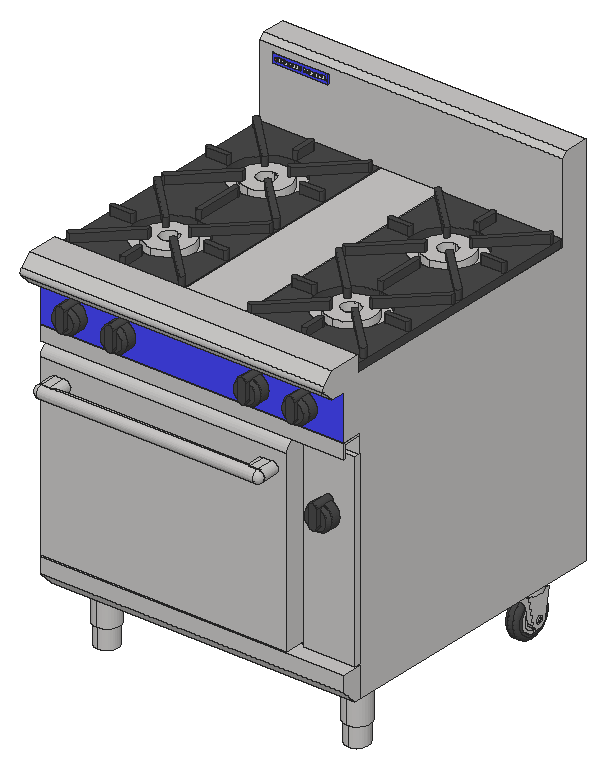
Revit family "QF_MOFFAT_BLUESEAL_CE_GE54D", category Specialty Equipment, Revit 2012
Parameters
  Width = 750 mm  # constant formula
  Weight in Pounds = 425
  Watts = 5600 W
  Volts = 400 V
  URL Cutsheet = "www.moffat.com"
  URL = "www.moffat.com"
  Type Mark [instance] = ""
  Status [instance] = ""
  Specification by User [instance] = ""
  Specification by Manufacturer = ""
  Show Logo [instance] = yes
  Show Clearance [instance] = yes
  Show Casters [instance] = yes
  Serial Number = ""
  Seismic Rating = ""
  SMACNA No = ""
  Revision Code [instance] = ""
  Phase = 3
  Omniclass Number and Title = ""
  Number of Poles [instance] = 1
  NAFEM Spec ID Number = ""
  Model = "GE54D"
  Min Ckt Ampacity = 0 A
  Mechanical Remarks [instance] = ""
  Mechanical Connection Type [instance] = ""
  Max Overcurrent Protection = 0 A
  Masterspec = ""
  Manufacturer = "MOFFAT BLUESEAL"
  Legs [instance] = not(Show Casters)  # no
  Item Number [instance] = ""
  Installed By [instance] = ""
  Identify Quantity as Lot [instance] = yes
  Height = 1085 mm  # constant formula
  HP = ""
  Gas Size = 3/4"
  Gas RI Height [instance] = 0 mm
  Gas KW [instance] = 31.1
  Gas Input [instance] = 106155.0 Btu/h
  Gas Connection Height = 0 mm
  Furnished By [instance] = ""
  Foodservice Equipment Identifier [instance] = yes
  FL Amps = 7.8 A
  Electrical Remarks = "7.8A PER PHASE"
  Electric Connection Type = ""
  Elec Conn RI Height = 0 mm
  Elec Conn Connection Height = 0 mm
  Description = "750MM GAS RANGE WITH ELECTRIC CONVECTION OVEN"
  Depth = 812 mm  # constant formula
  Cycle = 50 Hz
  Conn Plug = ""
  Conn Conduit = yes
  CSI MasterFormat = ""
  CSI Master Format = ""
  Apparent Power = 0 VA
Reference planes
  plane 1 "BACK": y = 0
  plane 2: z = 0
  plane 3 "LEFT": x = 0
  plane 4 "RIGHT": x = 750
  plane 5 "FRONT": y = -812
  plane 6 "TOP": z = 970
  plane 7 "Center Y": x = 375
  plane 8 "Center X": y = -406
  plane 9: y = -100
  plane 10 "Base Height": z = 150
  plane 11: x = 65.8
  plane 12: x = 620
  plane 13: x = 685
  plane 14: x = 684.2
  plane 15: y = -500
  plane 16: x = 676
  plane 17: z = 1085
Forms (mm)
  Extrusion 1, solid, material "QF_Finishes_Stainless Steel"
    sketch origin (0, 0, 0) x (0, 1, 0) y (0, 0, 1)
      loop
        line (-784.97, 850) -> (-749, 850) -> (-749, 740) -> (-699, 740) -> (-699, 150) -> (0, 150) -> (0, 1085) -> (-57.5, 1085) -> (-70, 1072.5) -> (-70, 875) -> (-705, 875) -> (-705, 915) -> (-783.97, 915) -> (-808.469, 890.501)
        arc (-808.469, 890.501) -> (-811.99, 882) -> (-808.469, 873.499) r 12.022
        line (-808.469, 873.499) -> (-784.97, 850)
    from 0 to 750
  Extrusion 2, solid, material "QF_Finishes_Stainless Steel"
    sketch origin (555.062, 3, 100) x (1, 0, 0) y (0, 1, 0)
      loop
        circle (65, -35) r 13.5
    from 555 to 640
  Revolve 3, solid, material "QF_Finishes_Stainless Steel"
    sketch origin (65, -728, 0) x (0, 1, 0) y (0, 0, 1)
      loop
        line (71.25, 150) -> (71.25, 50) -> (75.5, 50) -> (75.5, 0) -> (103, 0) -> (103, 150) -> (71.25, 150)
      axis (103, 150) -> (103, 0)
    angle from 0 to 360
  Extrusion 4, solid, material "QF_Finishes_Black"
    sketch origin (0, -70, 875) x (0, -1, 0) y (1, 0, 0)
      loop
        arc (1, 4) -> (1.879, 1.879) -> (4, 1) r 3
        line (4, 1) -> (632, 1)
        arc (632, 1) -> (634.121, 1.879) -> (635, 4) r 3
        line (635, 4) -> (635, 297)
        arc (635, 297) -> (634.121, 299.121) -> (632, 300) r 3
        line (632, 300) -> (4, 300)
        arc (4, 300) -> (1.879, 299.121) -> (1, 297) r 3
        line (1, 297) -> (1, 4)
      loop
        circle (167.5, 150) r 85
      loop
        circle (467.768, 150) r 85
    from 0 to 19.5
  Extrusion 5, solid, material "QF_Finishes_Black"
    sketch origin (0, -73.5, 894.5) x (0, -1, 0) y (1, 0, 0)
      loop
        spline (323.602, 15.153) -> (322.681, 13.924) -> (322.131, 12.47) -> (321.99, 10.89) -> (322.267, 9.292) -> (322.943, 7.786) -> (323.973, 6.473) -> (325.286, 5.443) -> (326.792, 4.767) -> (328.39, 4.49) -> (329.97, 4.631) -> (331.424, 5.181) -> (332.653, 6.102)
        line (332.653, 6.102) -> (440.576, 114.025)
        spline (440.576, 114.025) -> (441.337, 115.095) -> (441.738, 116.399) -> (441.751, 117.851) -> (441.375, 119.35) -> (440.637, 120.795) -> (439.586, 122.086) -> (438.295, 123.137) -> (436.85, 123.875) -> (435.351, 124.251) -> (433.899, 124.238) -> (432.595, 123.837) -> (431.525, 123.076)
        line (431.525, 123.076) -> (323.602, 15.153)
      loop
        spline (371.852, 143.6) -> (373.146, 143.818) -> (374.352, 144.457) -> (375.388, 145.475) -> (376.182, 146.8) -> (376.682, 148.344) -> (376.852, 150) -> (376.682, 151.656) -> (376.182, 153.2) -> (375.388, 154.525) -> (374.352, 155.543) -> (373.146, 156.182) -> (371.852, 156.4)
        line (371.852, 156.4) -> (259.398, 156.4)
        spline (259.398, 156.4) -> (258.104, 156.182) -> (256.898, 155.543) -> (255.862, 154.525) -> (255.068, 153.2) -> (254.568, 151.656) -> (254.398, 150) -> (254.568, 148.344) -> (255.068, 146.8) -> (255.862, 145.475) -> (256.898, 144.457) -> (258.104, 143.818) -> (259.398, 143.6)
        line (259.398, 143.6) -> (371.852, 143.6)
      loop
        line (311.398, 15.153) -> (203.475, 123.076)
        spline (203.475, 123.076) -> (202.405, 123.837) -> (201.101, 124.238) -> (199.649, 124.251) -> (198.15, 123.875) -> (196.705, 123.137) -> (195.414, 122.086) -> (194.363, 120.795) -> (193.625, 119.35) -> (193.249, 117.851) -> (193.262, 116.399) -> (193.663, 115.095) -> (194.424, 114.025)
        line (194.424, 114.025) -> (302.347, 6.102)
        spline (302.347, 6.102) -> (303.416, 5.341) -> (304.721, 4.941) -> (306.172, 4.928) -> (307.671, 5.303) -> (309.116, 6.041) -> (310.408, 7.092) -> (311.459, 8.384) -> (312.197, 9.829) -> (312.572, 11.328) -> (312.559, 12.779) -> (312.159, 14.084) -> (311.398, 15.153)
      loop
        line (323.602, 284.847) -> (431.525, 176.924)
        spline (431.525, 176.924) -> (432.595, 176.163) -> (433.899, 175.762) -> (435.351, 175.749) -> (436.85, 176.125) -> (438.295, 176.863) -> (439.586, 177.914) -> (440.637, 179.205) -> (441.375, 180.65) -> (441.751, 182.149) -> (441.738, 183.601) -> (441.337, 184.905) -> (440.576, 185.975)
        line (440.576, 185.975) -> (332.653, 293.898)
        spline (332.653, 293.898) -> (331.424, 294.819) -> (329.97, 295.369) -> (328.39, 295.51) -> (326.792, 295.233) -> (325.286, 294.557) -> (323.973, 293.527) -> (322.943, 292.214) -> (322.267, 290.708) -> (321.99, 289.11) -> (322.131, 287.53) -> (322.681, 286.076) -> (323.602, 284.847)
      loop
        spline (311.398, 284.847) -> (312.159, 285.916) -> (312.559, 287.221) -> (312.572, 288.672) -> (312.197, 290.171) -> (311.459, 291.616) -> (310.408, 292.908) -> (309.116, 293.959) -> (307.671, 294.697) -> (306.172, 295.072) -> (304.721, 295.059) -> (303.416, 294.659) -> (302.347, 293.898)
        line (302.347, 293.898) -> (194.424, 185.975)
        spline (194.424, 185.975) -> (193.663, 184.905) -> (193.262, 183.601) -> (193.249, 182.149) -> (193.625, 180.65) -> (194.363, 179.205) -> (195.414, 177.914) -> (196.705, 176.863) -> (198.15, 176.125) -> (199.649, 175.749) -> (201.101, 175.762) -> (202.405, 176.163) -> (203.475, 176.924)
        line (203.475, 176.924) -> (311.398, 284.847)
      loop
        spline (73.549, 143.6) -> (74.844, 143.818) -> (76.049, 144.457) -> (77.085, 145.475) -> (77.88, 146.8) -> (78.379, 148.344) -> (78.549, 150) -> (78.379, 151.656) -> (77.88, 153.2) -> (77.085, 154.525) -> (76.049, 155.543) -> (74.844, 156.182) -> (73.549, 156.4)
        line (73.549, 156.4) -> (25.093, 156.4)
        spline (25.093, 156.4) -> (23.799, 156.182) -> (22.593, 155.543) -> (21.558, 154.525) -> (20.763, 153.2) -> (20.264, 151.656) -> (20.093, 150) -> (20.264, 148.344) -> (20.763, 146.8) -> (21.558, 145.475) -> (22.593, 144.457) -> (23.799, 143.818) -> (25.093, 143.6)
        line (25.093, 143.6) -> (73.549, 143.6)
      loop
        spline (608.1, 143.6) -> (609.394, 143.818) -> (610.6, 144.457) -> (611.636, 145.475) -> (612.43, 146.8) -> (612.93, 148.344) -> (613.1, 150) -> (612.93, 151.656) -> (612.43, 153.2) -> (611.636, 154.525) -> (610.6, 155.543) -> (609.394, 156.182) -> (608.1, 156.4)
        line (608.1, 156.4) -> (558.644, 156.4)
        spline (558.644, 156.4) -> (557.35, 156.182) -> (556.144, 155.543) -> (555.108, 154.525) -> (554.314, 153.2) -> (553.814, 151.656) -> (553.644, 150) -> (553.814, 148.344) -> (554.314, 146.8) -> (555.108, 145.475) -> (556.144, 144.457) -> (557.35, 143.818) -> (558.644, 143.6)
        line (558.644, 143.6) -> (608.1, 143.6)
      loop
        spline (457.6, 10.156) -> (457.818, 8.862) -> (458.457, 7.656) -> (459.475, 6.62) -> (460.8, 5.826) -> (462.344, 5.326) -> (464, 5.156) -> (465.656, 5.326) -> (467.2, 5.826) -> (468.525, 6.62) -> (469.543, 7.656) -> (470.182, 8.862) -> (470.4, 10.156)
        line (470.4, 10.156) -> (470.4, 58.612)
        spline (470.4, 58.612) -> (470.182, 59.906) -> (469.543, 61.112) -> (468.525, 62.148) -> (467.2, 62.942) -> (465.656, 63.442) -> (464, 63.612) -> (462.344, 63.442) -> (460.8, 62.942) -> (459.475, 62.148) -> (458.457, 61.112) -> (457.818, 59.906) -> (457.6, 58.612)
        line (457.6, 58.612) -> (457.6, 10.156)
      loop
        spline (160.966, 10.156) -> (161.184, 8.862) -> (161.823, 7.656) -> (162.841, 6.62) -> (164.166, 5.826) -> (165.71, 5.326) -> (167.366, 5.156) -> (169.022, 5.326) -> (170.566, 5.826) -> (171.892, 6.62) -> (172.909, 7.656) -> (173.548, 8.862) -> (173.766, 10.156)
        line (173.766, 10.156) -> (173.766, 58.612)
        spline (173.766, 58.612) -> (173.548, 59.906) -> (172.909, 61.112) -> (171.892, 62.148) -> (170.566, 62.942) -> (169.022, 63.442) -> (167.366, 63.612) -> (165.71, 63.442) -> (164.166, 62.942) -> (162.841, 62.148) -> (161.823, 61.112) -> (161.184, 59.906) -> (160.966, 58.612)
        line (160.966, 58.612) -> (160.966, 10.156)
      loop
        spline (457.6, 241.636) -> (457.818, 240.342) -> (458.457, 239.136) -> (459.475, 238.1) -> (460.8, 237.306) -> (462.344, 236.806) -> (464, 236.636) -> (465.656, 236.806) -> (467.2, 237.306) -> (468.525, 238.1) -> (469.543, 239.136) -> (470.182, 240.342) -> (470.4, 241.636)
        line (470.4, 241.636) -> (470.4, 290.092)
        spline (470.4, 290.092) -> (470.182, 291.386) -> (469.543, 292.592) -> (468.525, 293.628) -> (467.2, 294.422) -> (465.656, 294.922) -> (464, 295.092) -> (462.344, 294.922) -> (460.8, 294.422) -> (459.475, 293.628) -> (458.457, 292.592) -> (457.818, 291.386) -> (457.6, 290.092)
        line (457.6, 290.092) -> (457.6, 241.636)
      loop
        spline (160.966, 241.636) -> (161.184, 240.342) -> (161.823, 239.136) -> (162.841, 238.1) -> (164.166, 237.306) -> (165.71, 236.806) -> (167.366, 236.636) -> (169.022, 236.806) -> (170.566, 237.306) -> (171.892, 238.1) -> (172.909, 239.136) -> (173.548, 240.342) -> (173.766, 241.636)
        line (173.766, 241.636) -> (173.766, 290.092)
        spline (173.766, 290.092) -> (173.548, 291.386) -> (172.909, 292.592) -> (171.892, 293.628) -> (170.566, 294.422) -> (169.022, 294.922) -> (167.366, 295.092) -> (165.71, 294.922) -> (164.166, 294.422) -> (162.841, 293.628) -> (161.823, 292.592) -> (161.184, 291.386) -> (160.966, 290.092)
        line (160.966, 290.092) -> (160.966, 241.636)
      loop
        line (323.602, 734.847) -> (431.525, 626.924)
        spline (431.525, 626.924) -> (432.595, 626.163) -> (433.899, 625.762) -> (435.351, 625.749) -> (436.85, 626.125) -> (438.295, 626.863) -> (439.586, 627.914) -> (440.637, 629.205) -> (441.375, 630.65) -> (441.751, 632.149) -> (441.738, 633.601) -> (441.337, 634.905) -> (440.576, 635.975)
        line (440.576, 635.975) -> (332.653, 743.898)
        spline (332.653, 743.898) -> (331.424, 744.819) -> (329.97, 745.369) -> (328.39, 745.51) -> (326.792, 745.233) -> (325.286, 744.557) -> (323.973, 743.527) -> (322.943, 742.214) -> (322.267, 740.708) -> (321.99, 739.11) -> (322.131, 737.53) -> (322.681, 736.076) -> (323.602, 734.847)
      loop
        line (371.852, 606.4) -> (259.398, 606.4)
        spline (259.398, 606.4) -> (258.104, 606.182) -> (256.898, 605.543) -> (255.862, 604.525) -> (255.068, 603.2) -> (254.568, 601.656) -> (254.398, 600) -> (254.568, 598.344) -> (255.068, 596.8) -> (255.862, 595.475) -> (256.898, 594.457) -> (258.104, 593.818) -> (259.398, 593.6)
        line (259.398, 593.6) -> (371.852, 593.6)
        spline (371.852, 593.6) -> (373.146, 593.818) -> (374.352, 594.457) -> (375.388, 595.475) -> (376.182, 596.8) -> (376.682, 598.344) -> (376.852, 600) -> (376.682, 601.656) -> (376.182, 603.2) -> (375.388, 604.525) -> (374.352, 605.543) -> (373.146, 606.182) -> (371.852, 606.4)
      loop
        spline (311.398, 734.847) -> (312.159, 735.916) -> (312.559, 737.221) -> (312.572, 738.672) -> (312.197, 740.171) -> (311.459, 741.616) -> (310.408, 742.908) -> (309.116, 743.959) -> (307.671, 744.697) -> (306.172, 745.072) -> (304.721, 745.059) -> (303.416, 744.659) -> (302.347, 743.898)
        line (302.347, 743.898) -> (194.424, 635.975)
        spline (194.424, 635.975) -> (193.663, 634.905) -> (193.262, 633.601) -> (193.249, 632.149) -> (193.625, 630.65) -> (194.363, 629.205) -> (195.414, 627.914) -> (196.705, 626.863) -> (198.15, 626.125) -> (199.649, 625.749) -> (201.101, 625.762) -> (202.405, 626.163) -> (203.475, 626.924)
        line (203.475, 626.924) -> (311.398, 734.847)
      loop
        spline (323.602, 465.153) -> (322.681, 463.924) -> (322.131, 462.47) -> (321.99, 460.89) -> (322.267, 459.292) -> (322.943, 457.786) -> (323.973, 456.473) -> (325.286, 455.443) -> (326.792, 454.767) -> (328.39, 454.49) -> (329.97, 454.631) -> (331.424, 455.181) -> (332.653, 456.102)
        line (332.653, 456.102) -> (440.576, 564.025)
        spline (440.576, 564.025) -> (441.337, 565.095) -> (441.738, 566.399) -> (441.751, 567.851) -> (441.375, 569.35) -> (440.637, 570.795) -> (439.586, 572.086) -> (438.295, 573.137) -> (436.85, 573.875) -> (435.351, 574.251) -> (433.899, 574.238) -> (432.595, 573.837) -> (431.525, 573.076)
        line (431.525, 573.076) -> (323.602, 465.153)
      loop
        line (311.398, 465.153) -> (203.475, 573.076)
        spline (203.475, 573.076) -> (202.405, 573.837) -> (201.101, 574.238) -> (199.649, 574.251) -> (198.15, 573.875) -> (196.705, 573.137) -> (195.414, 572.086) -> (194.363, 570.795) -> (193.625, 569.35) -> (193.249, 567.851) -> (193.262, 566.399) -> (193.663, 565.095) -> (194.424, 564.025)
        line (194.424, 564.025) -> (302.347, 456.102)
        spline (302.347, 456.102) -> (303.416, 455.341) -> (304.721, 454.941) -> (306.172, 454.928) -> (307.671, 455.303) -> (309.116, 456.041) -> (310.408, 457.092) -> (311.459, 458.384) -> (312.197, 459.829) -> (312.572, 461.328) -> (312.559, 462.779) -> (312.159, 464.084) -> (311.398, 465.153)
      loop
        line (73.549, 606.4) -> (25.093, 606.4)
        spline (25.093, 606.4) -> (23.799, 606.182) -> (22.593, 605.543) -> (21.558, 604.525) -> (20.763, 603.2) -> (20.264, 601.656) -> (20.093, 600) -> (20.264, 598.344) -> (20.763, 596.8) -> (21.558, 595.475) -> (22.593, 594.457) -> (23.799, 593.818) -> (25.093, 593.6)
        line (25.093, 593.6) -> (73.549, 593.6)
        spline (73.549, 593.6) -> (74.844, 593.818) -> (76.049, 594.457) -> (77.085, 595.475) -> (77.88, 596.8) -> (78.379, 598.344) -> (78.549, 600) -> (78.379, 601.656) -> (77.88, 603.2) -> (77.085, 604.525) -> (76.049, 605.543) -> (74.844, 606.182) -> (73.549, 606.4)
      loop
        line (608.1, 606.4) -> (558.644, 606.4)
        spline (558.644, 606.4) -> (557.35, 606.182) -> (556.144, 605.543) -> (555.108, 604.525) -> (554.314, 603.2) -> (553.814, 601.656) -> (553.644, 600) -> (553.814, 598.344) -> (554.314, 596.8) -> (555.108, 595.475) -> (556.144, 594.457) -> (557.35, 593.818) -> (558.644, 593.6)
        line (558.644, 593.6) -> (608.1, 593.6)
        spline (608.1, 593.6) -> (609.394, 593.818) -> (610.6, 594.457) -> (611.636, 595.475) -> (612.43, 596.8) -> (612.93, 598.344) -> (613.1, 600) -> (612.93, 601.656) -> (612.43, 603.2) -> (611.636, 604.525) -> (610.6, 605.543) -> (609.394, 606.182) -> (608.1, 606.4)
      loop
        line (457.6, 739.844) -> (457.6, 691.388)
        spline (457.6, 691.388) -> (457.818, 690.094) -> (458.457, 688.888) -> (459.475, 687.852) -> (460.8, 687.058) -> (462.344, 686.558) -> (464, 686.388) -> (465.656, 686.558) -> (467.2, 687.058) -> (468.525, 687.852) -> (469.543, 688.888) -> (470.182, 690.094) -> (470.4, 691.388)
        line (470.4, 691.388) -> (470.4, 739.844)
        spline (470.4, 739.844) -> (470.182, 741.138) -> (469.543, 742.344) -> (468.525, 743.38) -> (467.2, 744.174) -> (465.656, 744.674) -> (464, 744.844) -> (462.344, 744.674) -> (460.8, 744.174) -> (459.475, 743.38) -> (458.457, 742.344) -> (457.818, 741.138) -> (457.6, 739.844)
      loop
        line (160.966, 739.844) -> (160.966, 691.388)
        spline (160.966, 691.388) -> (161.184, 690.094) -> (161.823, 688.888) -> (162.841, 687.852) -> (164.166, 687.058) -> (165.71, 686.558) -> (167.366, 686.388) -> (169.022, 686.558) -> (170.566, 687.058) -> (171.892, 687.852) -> (172.909, 688.888) -> (173.548, 690.094) -> (173.766, 691.388)
        line (173.766, 691.388) -> (173.766, 739.844)
        spline (173.766, 739.844) -> (173.548, 741.138) -> (172.909, 742.344) -> (171.892, 743.38) -> (170.566, 744.174) -> (169.022, 744.674) -> (167.366, 744.844) -> (165.71, 744.674) -> (164.166, 744.174) -> (162.841, 743.38) -> (161.823, 742.344) -> (161.184, 741.138) -> (160.966, 739.844)
      loop
        line (457.6, 508.364) -> (457.6, 459.908)
        spline (457.6, 459.908) -> (457.818, 458.614) -> (458.457, 457.408) -> (459.475, 456.372) -> (460.8, 455.578) -> (462.344, 455.078) -> (464, 454.908) -> (465.656, 455.078) -> (467.2, 455.578) -> (468.525, 456.372) -> (469.543, 457.408) -> (470.182, 458.614) -> (470.4, 459.908)
        line (470.4, 459.908) -> (470.4, 508.364)
        spline (470.4, 508.364) -> (470.182, 509.658) -> (469.543, 510.864) -> (468.525, 511.9) -> (467.2, 512.694) -> (465.656, 513.194) -> (464, 513.364) -> (462.344, 513.194) -> (460.8, 512.694) -> (459.475, 511.9) -> (458.457, 510.864) -> (457.818, 509.658) -> (457.6, 508.364)
      loop
        line (160.966, 508.364) -> (160.966, 459.908)
        spline (160.966, 459.908) -> (161.184, 458.614) -> (161.823, 457.408) -> (162.841, 456.372) -> (164.166, 455.578) -> (165.71, 455.078) -> (167.366, 454.908) -> (169.022, 455.078) -> (170.566, 455.578) -> (171.892, 456.372) -> (172.909, 457.408) -> (173.548, 458.614) -> (173.766, 459.908)
        line (173.766, 459.908) -> (173.766, 508.364)
        spline (173.766, 508.364) -> (173.548, 509.658) -> (172.909, 510.864) -> (171.892, 511.9) -> (170.566, 512.694) -> (169.022, 513.194) -> (167.366, 513.364) -> (165.71, 513.194) -> (164.166, 512.694) -> (162.841, 511.9) -> (161.823, 510.864) -> (161.184, 509.658) -> (160.966, 508.364)
      loop
        spline (604.398, 734.847) -> (605.319, 736.076) -> (605.869, 737.53) -> (606.01, 739.11) -> (605.733, 740.708) -> (605.057, 742.214) -> (604.027, 743.527) -> (602.714, 744.557) -> (601.208, 745.233) -> (599.61, 745.51) -> (598.03, 745.369) -> (596.576, 744.819) -> (595.347, 743.898)
        line (595.347, 743.898) -> (487.424, 635.975)
        spline (487.424, 635.975) -> (486.663, 634.905) -> (486.262, 633.601) -> (486.249, 632.149) -> (486.625, 630.65) -> (487.363, 629.205) -> (488.414, 627.914) -> (489.705, 626.863) -> (491.15, 626.125) -> (492.649, 625.749) -> (494.101, 625.762) -> (495.405, 626.163) -> (496.475, 626.924)
        line (496.475, 626.924) -> (604.398, 734.847)
      loop
        line (604.398, 465.153) -> (496.475, 573.076)
        spline (496.475, 573.076) -> (495.405, 573.837) -> (494.101, 574.238) -> (492.649, 574.251) -> (491.15, 573.875) -> (489.705, 573.137) -> (488.414, 572.086) -> (487.363, 570.795) -> (486.625, 569.35) -> (486.249, 567.851) -> (486.262, 566.399) -> (486.663, 565.095) -> (487.424, 564.025)
        line (487.424, 564.025) -> (595.347, 456.102)
        spline (595.347, 456.102) -> (596.576, 455.181) -> (598.03, 454.631) -> (599.61, 454.49) -> (601.208, 454.767) -> (602.714, 455.443) -> (604.027, 456.473) -> (605.057, 457.786) -> (605.733, 459.292) -> (606.01, 460.89) -> (605.869, 462.47) -> (605.319, 463.924) -> (604.398, 465.153)
      loop
        line (604.398, 15.153) -> (496.475, 123.076)
        spline (496.475, 123.076) -> (495.405, 123.837) -> (494.101, 124.238) -> (492.649, 124.251) -> (491.15, 123.875) -> (489.705, 123.137) -> (488.414, 122.086) -> (487.363, 120.795) -> (486.625, 119.35) -> (486.249, 117.851) -> (486.262, 116.399) -> (486.663, 115.095) -> (487.424, 114.025)
        line (487.424, 114.025) -> (595.347, 6.102)
        spline (595.347, 6.102) -> (596.576, 5.181) -> (598.03, 4.631) -> (599.61, 4.49) -> (601.208, 4.767) -> (602.714, 5.443) -> (604.027, 6.473) -> (605.057, 7.786) -> (605.733, 9.292) -> (606.01, 10.89) -> (605.869, 12.47) -> (605.319, 13.924) -> (604.398, 15.153)
      loop
        spline (604.398, 284.847) -> (605.319, 286.076) -> (605.869, 287.53) -> (606.01, 289.11) -> (605.733, 290.708) -> (605.057, 292.214) -> (604.027, 293.527) -> (602.714, 294.557) -> (601.208, 295.233) -> (599.61, 295.51) -> (598.03, 295.369) -> (596.576, 294.819) -> (595.347, 293.898)
        line (595.347, 293.898) -> (487.424, 185.975)
        spline (487.424, 185.975) -> (486.663, 184.905) -> (486.262, 183.601) -> (486.249, 182.149) -> (486.625, 180.65) -> (487.363, 179.205) -> (488.414, 177.914) -> (489.705, 176.863) -> (491.15, 176.125) -> (492.649, 175.749) -> (494.101, 175.762) -> (495.405, 176.163) -> (496.475, 176.924)
        line (496.475, 176.924) -> (604.398, 284.847)
      loop
        line (16.602, 734.847) -> (124.525, 626.924)
        spline (124.525, 626.924) -> (125.595, 626.163) -> (126.899, 625.762) -> (128.351, 625.749) -> (129.85, 626.125) -> (131.295, 626.863) -> (132.586, 627.914) -> (133.637, 629.205) -> (134.375, 630.65) -> (134.751, 632.149) -> (134.738, 633.601) -> (134.337, 634.905) -> (133.576, 635.975)
        line (133.576, 635.975) -> (25.653, 743.898)
        spline (25.653, 743.898) -> (24.584, 744.659) -> (23.279, 745.059) -> (21.828, 745.072) -> (20.329, 744.697) -> (18.884, 743.959) -> (17.592, 742.908) -> (16.541, 741.616) -> (15.803, 740.171) -> (15.428, 738.672) -> (15.441, 737.221) -> (15.841, 735.916) -> (16.602, 734.847)
      loop
        spline (16.602, 465.153) -> (15.841, 464.084) -> (15.441, 462.779) -> (15.428, 461.328) -> (15.803, 459.829) -> (16.541, 458.384) -> (17.592, 457.092) -> (18.884, 456.041) -> (20.329, 455.303) -> (21.828, 454.928) -> (23.279, 454.941) -> (24.584, 455.341) -> (25.653, 456.102)
        line (25.653, 456.102) -> (133.576, 564.025)
        spline (133.576, 564.025) -> (134.337, 565.095) -> (134.738, 566.399) -> (134.751, 567.851) -> (134.375, 569.35) -> (133.637, 570.795) -> (132.586, 572.086) -> (131.295, 573.137) -> (129.85, 573.875) -> (128.351, 574.251) -> (126.899, 574.238) -> (125.595, 573.837) -> (124.525, 573.076)
        line (124.525, 573.076) -> (16.602, 465.153)
      loop
        spline (16.602, 15.153) -> (15.841, 14.084) -> (15.441, 12.779) -> (15.428, 11.328) -> (15.803, 9.829) -> (16.541, 8.384) -> (17.592, 7.092) -> (18.884, 6.041) -> (20.329, 5.303) -> (21.828, 4.928) -> (23.279, 4.941) -> (24.584, 5.341) -> (25.653, 6.102)
        line (25.653, 6.102) -> (133.576, 114.025)
        spline (133.576, 114.025) -> (134.337, 115.095) -> (134.738, 116.399) -> (134.751, 117.851) -> (134.375, 119.35) -> (133.637, 120.795) -> (132.586, 122.086) -> (131.295, 123.137) -> (129.85, 123.875) -> (128.351, 124.251) -> (126.899, 124.238) -> (125.595, 123.837) -> (124.525, 123.076)
        line (124.525, 123.076) -> (16.602, 15.153)
      loop
        line (16.602, 284.847) -> (124.525, 176.924)
        spline (124.525, 176.924) -> (125.595, 176.163) -> (126.899, 175.762) -> (128.351, 175.749) -> (129.85, 176.125) -> (131.295, 176.863) -> (132.586, 177.914) -> (133.637, 179.205) -> (134.375, 180.65) -> (134.751, 182.149) -> (134.738, 183.601) -> (134.337, 184.905) -> (133.576, 185.975)
        line (133.576, 185.975) -> (25.653, 293.898)
        spline (25.653, 293.898) -> (24.584, 294.659) -> (23.279, 295.059) -> (21.828, 295.072) -> (20.329, 294.697) -> (18.884, 293.959) -> (17.592, 292.908) -> (16.541, 291.616) -> (15.803, 290.171) -> (15.428, 288.672) -> (15.441, 287.221) -> (15.841, 285.916) -> (16.602, 284.847)
    from 0 to 20.5
  Revolve 6, solid, material "QF_Finishes_Stainless Steel"
    sketch origin (685, -728, 0) x (0, 1, 0) y (0, 0, -1)
      loop
        line (71.25, -150) -> (103, -150) -> (103, 0) -> (75.5, 0) -> (75.5, -50) -> (71.25, -50) -> (71.25, -150)
      axis (103, -150) -> (103, 0)
    angle from 0 to 360
  Extrusion 7, solid, material "QF_Finishes_Stainless Steel"
    sketch origin (0, -70, 875) x (0, -1, 0) y (1, 0, 0)
      loop
        line (634, 300) -> (634, 450) -> (0, 450) -> (0, 300) -> (634, 300)
    from 0 to 19.5
  Extrusion 8, void
    sketch origin (0, -749, 227.5) x (0, 0, -1) y (-1, 0, 0)
      loop
        line (-465, -610) -> (-465, -625) -> (0, -625) -> (0, -610) -> (-465, -610)
    from -7 to 50
  Extrusion 9, solid, material "QF_Finishes_Black"
    sketch origin (750, -70, 875) x (0, -1, 0) y (1, 0, 0)
      loop
        line (1, -4) -> (1, -297)
        arc (1, -297) -> (1.879, -299.121) -> (4, -300) r 3
        line (4, -300) -> (632, -300)
        arc (632, -300) -> (634.121, -299.121) -> (635, -297) r 3
        line (635, -297) -> (635, -4)
        arc (635, -4) -> (634.121, -1.879) -> (632, -1) r 3
        line (632, -1) -> (4, -1)
        arc (4, -1) -> (1.879, -1.879) -> (1, -4) r 3
      loop
        circle (167.5, -150) r 85
      loop
        circle (467.768, -150) r 85
    from 0 to 19.5
  Revolve 10, solid, material "QF_Finishes_Black"
    sketch origin (210, 7, 758.895) x (0, -1, 0) y (0, 0, 1)
      loop
        line (789, 69.605) -> (766, 69.605) -> (766, 42.105) -> (756, 42.105) -> (756, 37.105) -> (800, 37.105) -> (800, 63.757) -> (789, 69.605)
      axis (800, 37.105) -> (756, 37.105)
    angle from 0 to 360
  Revolve 11, solid, material "QF_Finishes_Black"
    sketch origin (89.999, 7, 758.768) x (0, 1, 0) y (0, 0, -1)
      loop
        line (-789, -69.5) -> (-766, -69.5) -> (-766, -42) -> (-756, -42) -> (-756, -37) -> (-800, -37) -> (-800, -63.651) -> (-789, -69.5)
      axis (-800, -37) -> (-756, -37)
    angle from 0 to 360
  Extrusion 12, solid, material "QF_Finishes_Black"
    sketch origin (228.269, 7, 758.926) x (-1, 0, 0) y (0, 0, -1)
      loop
        arc (148.269, -24.969) -> (138.269, -14.969) -> (128.269, -24.969) r 10
        line (128.269, -24.969) -> (128.269, -63.969)
        arc (128.269, -63.969) -> (138.269, -73.969) -> (148.269, -63.969) r 10
        line (148.269, -63.969) -> (148.269, -24.969)
    from 759 to 808
  Extrusion 13, solid, material "QF_Finishes_Black"
    sketch origin (349.45, 7, 758.926) x (-1, 0, 0) y (0, 0, -1)
      loop
        arc (148.269, -24.969) -> (138.269, -14.969) -> (128.269, -24.969) r 10
        line (128.269, -24.969) -> (128.269, -63.969)
        arc (128.269, -63.969) -> (138.269, -73.969) -> (148.269, -63.969) r 10
        line (148.269, -63.969) -> (148.269, -24.969)
    from 759 to 808
  Revolve 14, solid, material "QF_Finishes_Black"
    sketch origin (540, 7, 758.895) x (0, -1, 0) y (0, 0, -1)
      loop
        line (789, -69.605) -> (800, -63.757) -> (800, -37.105) -> (756, -37.105) -> (756, -42.105) -> (766, -42.105) -> (766, -69.605) -> (789, -69.605)
      axis (800, -37.105) -> (756, -37.105)
    angle from 0 to 360
  Revolve 15, solid, material "QF_Finishes_Black"
    sketch origin (660.001, 7, 758.768) x (0, 1, 0) y (0, 0, 1)
      loop
        line (-789, 69.5) -> (-800, 63.651) -> (-800, 37) -> (-756, 37) -> (-756, 42) -> (-766, 42) -> (-766, 69.5) -> (-789, 69.5)
      axis (-800, 37) -> (-756, 37)
    angle from 0 to 360
  Extrusion 16, solid, material "QF_Finishes_Black"
    sketch origin (521.731, 7, 758.926) x (1, 0, 0) y (0, 0, 1)
      loop
        line (148.269, 24.969) -> (148.269, 63.969)
        arc (148.269, 63.969) -> (138.269, 73.969) -> (128.269, 63.969) r 10
        line (128.269, 63.969) -> (128.269, 24.969)
        arc (128.269, 24.969) -> (138.269, 14.969) -> (148.269, 24.969) r 10
    from 759 to 808
  Extrusion 17, solid, material "QF_Finishes_Black"
    sketch origin (401.731, 7, 758.926) x (1, 0, 0) y (0, 0, 1)
      loop
        line (148.269, 24.969) -> (148.269, 63.969)
        arc (148.269, 63.969) -> (138.269, 73.969) -> (128.269, 63.969) r 10
        line (128.269, 63.969) -> (128.269, 24.969)
        arc (128.269, 24.969) -> (138.269, 14.969) -> (148.269, 24.969) r 10
    from 759 to 808
  Revolve 18, solid, material "QF_Finishes_Black"
    sketch origin (687.53, 42.5, 355.134) x (0, 1, 0) y (0, 0, 1)
      loop
        line (-789, 229.5) -> (-800, 223.651) -> (-800, 197) -> (-756, 197) -> (-756, 202) -> (-766, 202) -> (-766, 229.5) -> (-789, 229.5)
      axis (-800, 197) -> (-756, 197)
    angle from 0 to 360
  Extrusion 19, solid, material "QF_Finishes_Black"
    sketch origin (549.26, 42.5, 355.292) x (1, 0, 0) y (0, 0, 1)
      loop
        line (148.269, 184.969) -> (148.269, 223.969)
        arc (148.269, 223.969) -> (138.269, 233.969) -> (128.269, 223.969) r 10
        line (128.269, 223.969) -> (128.269, 184.969)
        arc (128.269, 184.969) -> (138.269, 174.969) -> (148.269, 184.969) r 10
    from 759 to 808
  Extrusion 20, solid, material "QF_Door-Drawer Clearances", visible <- "Show Clearance", detail levels coarse
    sketch origin (0, 7, 0) x (0, -1, 0) y (0, 0, 1)
      loop
        line (756, 690.016) -> (756, 227.5) -> (1218.516, 227.5)
        arc (1218.516, 227.5) -> (1083.048, 554.548) -> (756, 690.016) r 462.516
    from 0 to -610
  Extrusion 21, void
    sketch origin (0, 0, 150) x (-1, 0, 0) y (0, -1, 0)
      loop
        line (-681, 87.26) -> (-681, -30.24) -> (-551.5, -30.24) -> (-551.5, 38.76) -> (-600, 87.26) -> (-681, 87.26)
    from 72.5 to 590
  Extrusion 22, void
    sketch origin (35, -749, 227.5) x (0, 0, -1) y (-1, 0, 0)
      loop
        line (-472.5, -590) -> (-472.5, -715) -> (0, -715) -> (0, -590) -> (-472.5, -590)
    from -7 to 35
  Extrusion 23, solid, material "QF_Finishes_Stainless Steel"
    sketch origin (0, -70, 875) x (0, -1, 0) y (1, 0, 0)
      loop
        circle (467.5, 600) r 57
      loop
        circle (167.5, 600) r 57
      loop
        circle (467.5, 600) r 22
      loop
        circle (167.5, 600) r 22
      loop
        circle (467.5, 150) r 57
      loop
        circle (167.5, 150) r 57
      loop
        circle (467.5, 150) r 22
      loop
        circle (167.5, 150) r 22
    from 0 to 19.5
  Extrusion 24, solid, material "QF_Finishes_Stainless Steel"
    sketch origin (0, -749, 227.5) x (0, 0, 1) y (-1, 0, 0)
      loop
        line (380.625, -38.246) -> (380.625, -58.528)
        arc (380.625, -58.528) -> (395.625, -73.528) -> (410.625, -58.528) r 15
        line (410.625, -58.528) -> (410.625, -38.246)
        arc (410.625, -38.246) -> (395.625, -23.246) -> (380.625, -38.246) r 15
      loop
        arc (380.625, -573.039) -> (395.625, -588.039) -> (410.625, -573.039) r 15
        line (410.625, -573.039) -> (410.625, -552.757)
        arc (410.625, -552.757) -> (395.625, -537.757) -> (380.625, -552.757) r 15
        line (380.625, -552.757) -> (380.625, -573.039)
    from 0 to 44
  Revolve 25, solid, material "QF_Finishes_Stainless Steel"
    sketch origin (0, -793, 0) x (1, 0, 0) y (0, 0, 1)
      loop
        arc (588.039, 623.125) -> (583.646, 633.732) -> (573.039, 638.125) r 15
        line (573.039, 638.125) -> (38.246, 638.125)
        arc (38.246, 638.125) -> (27.64, 633.732) -> (23.246, 623.125) r 15
        line (23.246, 623.125) -> (588.039, 623.125)
      axis (588.039, 623.125) -> (23.246, 623.125)
    angle from 0 to 360
  Extrusion 26, solid, material "QF_Finishes_Stainless Steel"
    sketch origin (0, 7, 0) x (0, 1, 0) y (0, 0, 1)
      loop
        line (-706, 227.5) -> (-706, 692.5) -> (-729.805, 692.5)
        arc (-729.805, 692.5) -> (-748.328, 684.828) -> (-756, 666.305) r 26.195
        line (-756, 666.305) -> (-756, 227.5) -> (-706, 227.5)
    from 0 to 750
  Extrusion 27, solid, material "QF_Finishes_Stainless Steel"
    sketch origin (0, 7, 0) x (0, 1, 0) y (0, 0, 1)
      loop
        line (-756, 738) -> (-756, 703) -> (-752.98, 703) -> (-752.98, 735) -> (-708, 735) -> (-708, 738) -> (-756, 738)
    from 0 to 750
  Extrusion 28, solid, material "QF_Finishes_Stainless Steel"
    sketch origin (0, 7, 0) x (0, 1, 0) y (0, 0, 1)
      loop
        line (-706, 222.5) -> (-756, 222.5) -> (-756, 186) -> (-720, 150) -> (-706, 150) -> (-706, 222.5)
    from 0 to 750
  Extrusion 29, solid, material "QF_Finishes_Stainless Steel"
    sketch origin (0, 0, 150) x (-1, 0, 0) y (0, -1, 0)
      loop
        circle (-676, 501) r 6.35
    from 0 to -1.6
  Extrusion 30, solid, material "QF_Finishes_Stainless Steel", visible <- "Show Casters"
    sketch origin (71.501, 133.353, -8.783) x (0, 1, 0) y (0, 0, 1)
      loop
        line (-201.603, 118.783) -> (-265.103, 118.783) -> (-252.746, 53.895)
        arc (-252.746, 53.895) -> (-233.353, 38.783) -> (-213.959, 53.895) r 20
        line (-213.959, 53.895) -> (-201.603, 118.783)
    from -35.667 to 22.923
  Revolve 31, solid, material "QF_Finishes_Stainless Steel", visible <- "Show Casters"
    sketch origin (65, -203, 0) x (0, 1, 0) y (0, 0, 1)
      loop
        line (67.25, 150) -> (67.25, 110) -> (103, 110) -> (103, 150) -> (67.25, 150)
      axis (103, 150) -> (103, 110)
    angle from 0 to 360
  Revolve 32, solid, material "QF_Finishes_Stainless Steel", visible <- "Show Casters"
    sketch origin (685, -203, 0) x (0, 1, 0) y (0, 0, -1)
      loop
        line (67.25, -150) -> (103, -150) -> (103, -110) -> (67.25, -110) -> (67.25, -150)
      axis (103, -150) -> (103, -110)
    angle from 0 to 360
  Revolve 33, solid, material "QF_Finishes_Stainless Steel", visible <- "Show Casters"
    sketch origin (635.776, -99.755, -13.653) x (1, 0, 0) y (0, 0, 1)
      loop
        line (14.841, 64.453) -> (83.584, 64.453) -> (83.584, 67.958) -> (82.314, 69.228) -> (80.79, 69.228) -> (80.79, 72.674) -> (68.644, 72.674) -> (68.644, 82.639) -> (65.088, 84.692) -> (63.738, 93.028) -> (65.881, 93.028) -> (65.881, 99.378) -> (65.088, 99.378) -> (65.088, 105.728)
        arc (65.088, 105.728) -> (62.298, 112.463) -> (55.563, 115.253) r 9.525
        line (55.563, 115.253) -> (42.863, 115.253)
        arc (42.863, 115.253) -> (36.127, 112.463) -> (33.338, 105.728) r 9.525
        line (33.338, 105.728) -> (33.338, 99.378) -> (32.544, 99.378) -> (32.544, 93.028) -> (34.687, 93.028) -> (33.352, 84.781) -> (29.782, 82.719) -> (29.782, 72.674) -> (17.635, 72.674) -> (17.635, 69.228) -> (16.111, 69.228) -> (14.841, 67.958) -> (14.841, 64.453)
      axis (14.841, 64.453) -> (83.584, 64.453)
    angle from 0 to 360
  Extrusion 34, solid, material "QF_Finishes_Stainless Steel", visible <- "Show Casters"
    sketch origin (691.501, 133.353, -8.783) x (0, 1, 0) y (0, 0, 1)
      loop
        line (-201.603, 118.783) -> (-265.103, 118.783) -> (-252.746, 53.895)
        arc (-252.746, 53.895) -> (-233.353, 38.783) -> (-213.959, 53.895) r 20
        line (-213.959, 53.895) -> (-201.603, 118.783)
    from -35.667 to 22.923
  Revolve 35, solid, material "QF_Finishes_Stainless Steel", visible <- "Legs"
    sketch origin (65, -165, 0) x (0, 1, 0) y (0, 0, 1)
      loop
        line (33.25, 150) -> (33.25, 50) -> (37.5, 50) -> (37.5, 0) -> (65, 0) -> (65, 150) -> (33.25, 150)
      axis (65, 150) -> (65, 0)
    angle from 0 to 360
  Revolve 36, solid, material "QF_Finishes_Stainless Steel", visible <- "Legs"
    sketch origin (685, -165, 0) x (0, 1, 0) y (0, 0, -1)
      loop
        line (33.25, -150) -> (65, -150) -> (65, 0) -> (37.5, 0) -> (37.5, -50) -> (33.25, -50) -> (33.25, -150)
      axis (65, -150) -> (65, 0)
    angle from 0 to 360
  Revolve 37, solid, material "QF_Finishes_Stainless Steel", visible <- "Show Casters"
    sketch origin (114.224, -99.755, -13.653) x (-1, 0, 0) y (0, 0, -1)
      loop
        line (14.841, -64.453) -> (14.841, -67.958) -> (16.111, -69.228) -> (17.635, -69.228) -> (17.635, -72.674) -> (29.782, -72.674) -> (29.782, -82.719) -> (33.352, -84.781) -> (34.687, -93.028) -> (32.544, -93.028) -> (32.544, -99.378) -> (33.338, -99.378) -> (33.338, -105.728)
        arc (33.338, -105.728) -> (36.127, -112.463) -> (42.863, -115.253) r 9.525
        line (42.863, -115.253) -> (55.563, -115.253)
        arc (55.563, -115.253) -> (62.298, -112.463) -> (65.088, -105.728) r 9.525
        line (65.088, -105.728) -> (65.088, -99.378) -> (65.881, -99.378) -> (65.881, -93.028) -> (63.738, -93.028) -> (65.088, -84.692) -> (68.644, -82.639) -> (68.644, -72.674) -> (80.79, -72.674) -> (80.79, -69.228) -> (82.314, -69.228) -> (83.584, -67.958) -> (83.584, -64.453) -> (14.841, -64.453)
      axis (14.841, -64.453) -> (83.584, -64.453)
    angle from 0 to 360
Cuts and joins
  Extrusion 8, Extrusion 21, Extrusion 22 cuts Extrusion 1
  Extrusion 8, Extrusion 22 cuts Extrusion 26
Lines and regions (mm)
  Split face 1
    outline origin (0, -70, 894.5) x (0, -1, 0) y (1, 0, 0)
      loop
        circle (45.037, 327.576) r 8
  Split face 2
    outline origin (47.424, -70, 894.5) x (0, -1, 0) y (1, 0, 0)
      loop
        circle (45.037, 327.576) r 8
  Split face 3
    outline origin (750, -70, 894.5) x (0, -1, 0) y (1, 0, 0)
      loop
        circle (45.037, -327.576) r 8
  Split face 4
    outline origin (0, -104, 894.5) x (0, -1, 0) y (1, 0, 0)
      loop
        circle (45.037, 327.576) r 8
  Split face 5
    outline origin (47.424, -104, 894.5) x (0, -1, 0) y (1, 0, 0)
      loop
        circle (45.037, 327.576) r 8
  Split face 6
    outline origin (750, -104, 894.5) x (0, -1, 0) y (1, 0, 0)
      loop
        circle (45.037, -327.576) r 8
  Split face 7
    outline origin (0, -138, 894.5) x (0, -1, 0) y (1, 0, 0)
      loop
        circle (45.037, 327.576) r 8
  Split face 8
    outline origin (47.424, -138, 894.5) x (0, -1, 0) y (1, 0, 0)
      loop
        circle (45.037, 327.576) r 8
  Split face 9
    outline origin (750, -138, 894.5) x (0, -1, 0) y (1, 0, 0)
      loop
        circle (45.037, -327.576) r 8
  Split face 10
    outline origin (0, -172, 894.5) x (0, -1, 0) y (1, 0, 0)
      loop
        circle (45.037, 327.576) r 8
  Split face 11
    outline origin (47.424, -172, 894.5) x (0, -1, 0) y (1, 0, 0)
      loop
        circle (45.037, 327.576) r 8
  Split face 12
    outline origin (750, -172, 894.5) x (0, -1, 0) y (1, 0, 0)
      loop
        circle (45.037, -327.576) r 8
  Split face 13
    outline origin (0, -206, 894.5) x (0, -1, 0) y (1, 0, 0)
      loop
        circle (45.037, 327.576) r 8
  Split face 14
    outline origin (47.424, -206, 894.5) x (0, -1, 0) y (1, 0, 0)
      loop
        circle (45.037, 327.576) r 8
  Split face 15
    outline origin (750, -206, 894.5) x (0, -1, 0) y (1, 0, 0)
      loop
        circle (45.037, -327.576) r 8
  Split face 16
    outline origin (0, -240, 894.5) x (0, -1, 0) y (1, 0, 0)
      loop
        circle (45.037, 327.576) r 8
  Split face 17
    outline origin (47.424, -240, 894.5) x (0, -1, 0) y (1, 0, 0)
      loop
        circle (45.037, 327.576) r 8
  Split face 18
    outline origin (750, -240, 894.5) x (0, -1, 0) y (1, 0, 0)
      loop
        circle (45.037, -327.576) r 8
  Split face 19
    outline origin (0, -274, 894.5) x (0, -1, 0) y (1, 0, 0)
      loop
        circle (45.037, 327.576) r 8
  Split face 20
    outline origin (47.424, -274, 894.5) x (0, -1, 0) y (1, 0, 0)
      loop
        circle (45.037, 327.576) r 8
  Split face 21
    outline origin (750, -274, 894.5) x (0, -1, 0) y (1, 0, 0)
      loop
        circle (45.037, -327.576) r 8
  Split face 22
    outline origin (0, -308, 894.5) x (0, -1, 0) y (1, 0, 0)
      loop
        circle (45.037, 327.576) r 8
  Split face 23
    outline origin (47.424, -308, 894.5) x (0, -1, 0) y (1, 0, 0)
      loop
        circle (45.037, 327.576) r 8
  Split face 24
    outline origin (750, -308, 894.5) x (0, -1, 0) y (1, 0, 0)
      loop
        circle (45.037, -327.576) r 8
  Split face 25
    outline origin (0, -342, 894.5) x (0, -1, 0) y (1, 0, 0)
      loop
        circle (45.037, 327.576) r 8
  Split face 26
    outline origin (47.424, -342, 894.5) x (0, -1, 0) y (1, 0, 0)
      loop
        circle (45.037, 327.576) r 8
  Split face 27
    outline origin (750, -342, 894.5) x (0, -1, 0) y (1, 0, 0)
      loop
        circle (45.037, -327.576) r 8
  Split face 28
    outline origin (0, -376, 894.5) x (0, -1, 0) y (1, 0, 0)
      loop
        circle (45.037, 327.576) r 8
  Split face 29
    outline origin (47.424, -376, 894.5) x (0, -1, 0) y (1, 0, 0)
      loop
        circle (45.037, 327.576) r 8
  Split face 30
    outline origin (750, -376, 894.5) x (0, -1, 0) y (1, 0, 0)
      loop
        circle (45.037, -327.576) r 8
  Split face 31
    outline origin (0, -410, 894.5) x (0, -1, 0) y (1, 0, 0)
      loop
        circle (45.037, 327.576) r 8
  Split face 32
    outline origin (47.424, -410, 894.5) x (0, -1, 0) y (1, 0, 0)
      loop
        circle (45.037, 327.576) r 8
  Split face 33
    outline origin (750, -410, 894.5) x (0, -1, 0) y (1, 0, 0)
      loop
        circle (45.037, -327.576) r 8
  Split face 34
    outline origin (0, -444, 894.5) x (0, -1, 0) y (1, 0, 0)
      loop
        circle (45.037, 327.576) r 8
  Split face 35
    outline origin (47.424, -444, 894.5) x (0, -1, 0) y (1, 0, 0)
      loop
        circle (45.037, 327.576) r 8
  Split face 36
    outline origin (750, -444, 894.5) x (0, -1, 0) y (1, 0, 0)
      loop
        circle (45.037, -327.576) r 8
  Split face 37
    outline origin (0, -478, 894.5) x (0, -1, 0) y (1, 0, 0)
      loop
        circle (45.037, 327.576) r 8
  Split face 38
    outline origin (47.424, -478, 894.5) x (0, -1, 0) y (1, 0, 0)
      loop
        circle (45.037, 327.576) r 8
  Split face 39
    outline origin (750, -478, 894.5) x (0, -1, 0) y (1, 0, 0)
      loop
        circle (45.037, -327.576) r 8
  Split face 40
    outline origin (0, -512, 894.5) x (0, -1, 0) y (1, 0, 0)
      loop
        circle (45.037, 327.576) r 8
  Split face 41
    outline origin (47.424, -512, 894.5) x (0, -1, 0) y (1, 0, 0)
      loop
        circle (45.037, 327.576) r 8
  Split face 42
    outline origin (750, -512, 894.5) x (0, -1, 0) y (1, 0, 0)
      loop
        circle (45.037, -327.576) r 8
  Split face 43
    outline origin (0, -546, 894.5) x (0, -1, 0) y (1, 0, 0)
      loop
        circle (45.037, 327.576) r 8
  Split face 44
    outline origin (47.424, -546, 894.5) x (0, -1, 0) y (1, 0, 0)
      loop
        circle (45.037, 327.576) r 8
  Split face 45
    outline origin (750, -546, 894.5) x (0, -1, 0) y (1, 0, 0)
      loop
        circle (45.037, -327.576) r 8
  Split face 46
    outline origin (0, -580, 894.5) x (0, -1, 0) y (1, 0, 0)
      loop
        circle (45.037, 327.576) r 8
  Split face 47
    outline origin (47.424, -580, 894.5) x (0, -1, 0) y (1, 0, 0)
      loop
        circle (45.037, 327.576) r 8
  Split face 48
    outline origin (750, -580, 894.5) x (0, -1, 0) y (1, 0, 0)
      loop
        circle (45.037, -327.576) r 8
  Split face 49
    outline origin (0, -614, 894.5) x (0, -1, 0) y (1, 0, 0)
      loop
        circle (45.037, 327.576) r 8
  Split face 50
    outline origin (47.424, -614, 894.5) x (0, -1, 0) y (1, 0, 0)
      loop
        circle (45.037, 327.576) r 8
  Split face 51
    outline origin (750, -614, 894.5) x (0, -1, 0) y (1, 0, 0)
      loop
        circle (45.037, -327.576) r 8
  Split face 52
    outline origin (750, 0, 1085) x (-1, 0, 0) y (0, -1, 0)
      loop
        arc (485.206, 45.385) -> (476.545, 40.385) -> (476.545, 30.385) r 10
        line (476.545, 30.385) -> (480.587, 23.385)
        arc (480.587, 23.385) -> (484.247, 19.725) -> (489.247, 18.385) r 10
        line (489.247, 18.385) -> (717.206, 18.385)
        arc (717.206, 18.385) -> (725.866, 23.385) -> (725.866, 33.385) r 10
        line (725.866, 33.385) -> (721.824, 40.385)
        arc (721.824, 40.385) -> (718.164, 44.045) -> (713.164, 45.385) r 10
        line (713.164, 45.385) -> (485.206, 45.385)
  Split face 53
    outline origin (750, 0, 1085) x (-1, 0, 0) y (0, -1, 0)
      loop
        arc (35.206, 45.385) -> (26.545, 40.385) -> (26.545, 30.385) r 10
        line (26.545, 30.385) -> (30.587, 23.385)
        arc (30.587, 23.385) -> (34.247, 19.725) -> (39.247, 18.385) r 10
        line (39.247, 18.385) -> (267.206, 18.385)
        arc (267.206, 18.385) -> (275.866, 23.385) -> (275.866, 33.385) r 10
        line (275.866, 33.385) -> (271.824, 40.385)
        arc (271.824, 40.385) -> (268.164, 44.045) -> (263.164, 45.385) r 10
        line (263.164, 45.385) -> (35.206, 45.385)
  symbolic lines
    curve 1: line (0, 0, 0) -> (0, -812, 0)
    curve 2: line (750, 0, 0) -> (0, 0, 0)
    curve 3: line (750, -812, 0) -> (750, 0, 0)
    curve 4: line (0, -812, 0) -> (750, -812, 0)
    curve 5: line (750, -705, 0) -> (0, -705, 0)
    curve 6: line (0, -70, 0) -> (750, -70, 0)
    curve 7: line (0, -391, 0) -> (300, -391, 0)
    curve 8: arc (327.576, -123.037, 0) -> (335.576, -115.037, 0) -> (327.576, -107.037, 0) r 8
    curve 9: arc (327.576, -107.037, 0) -> (319.576, -115.037, 0) -> (327.576, -123.037, 0) r 8
    curve 10: arc (375, -123.037, 0) -> (383, -115.037, 0) -> (375, -107.037, 0) r 8
    curve 11: arc (375, -107.037, 0) -> (367, -115.037, 0) -> (375, -123.037, 0) r 8
    curve 12: arc (422.424, -123.037, 0) -> (430.424, -115.037, 0) -> (422.424, -107.037, 0) r 8
    curve 13: arc (422.424, -107.037, 0) -> (414.424, -115.037, 0) -> (422.424, -123.037, 0) r 8
    curve 14: arc (327.576, -157.037, 0) -> (335.576, -149.037, 0) -> (327.576, -141.037, 0) r 8
    curve 15: arc (327.576, -141.037, 0) -> (319.576, -149.037, 0) -> (327.576, -157.037, 0) r 8
    curve 16: arc (375, -157.037, 0) -> (383, -149.037, 0) -> (375, -141.037, 0) r 8
    curve 17: arc (375, -141.037, 0) -> (367, -149.037, 0) -> (375, -157.037, 0) r 8
    curve 18: arc (422.424, -157.037, 0) -> (430.424, -149.037, 0) -> (422.424, -141.037, 0) r 8
    curve 19: arc (422.424, -141.037, 0) -> (414.424, -149.037, 0) -> (422.424, -157.037, 0) r 8
    curve 20: arc (327.576, -191.037, 0) -> (335.576, -183.037, 0) -> (327.576, -175.037, 0) r 8
    curve 21: arc (327.576, -175.037, 0) -> (319.576, -183.037, 0) -> (327.576, -191.037, 0) r 8
    curve 22: arc (375, -191.037, 0) -> (383, -183.037, 0) -> (375, -175.037, 0) r 8
    curve 23: arc (375, -175.037, 0) -> (367, -183.037, 0) -> (375, -191.037, 0) r 8
    curve 24: arc (422.424, -191.037, 0) -> (430.424, -183.037, 0) -> (422.424, -175.037, 0) r 8
    curve 25: arc (422.424, -175.037, 0) -> (414.424, -183.037, 0) -> (422.424, -191.037, 0) r 8
    curve 26: arc (327.576, -225.037, 0) -> (335.576, -217.037, 0) -> (327.576, -209.037, 0) r 8
    curve 27: arc (327.576, -209.037, 0) -> (319.576, -217.037, 0) -> (327.576, -225.037, 0) r 8
    curve 28: arc (375, -225.037, 0) -> (383, -217.037, 0) -> (375, -209.037, 0) r 8
    curve 29: arc (375, -209.037, 0) -> (367, -217.037, 0) -> (375, -225.037, 0) r 8
    curve 30: arc (422.424, -225.037, 0) -> (430.424, -217.037, 0) -> (422.424, -209.037, 0) r 8
    curve 31: arc (422.424, -209.037, 0) -> (414.424, -217.037, 0) -> (422.424, -225.037, 0) r 8
    curve 32: arc (327.576, -259.037, 0) -> (335.576, -251.037, 0) -> (327.576, -243.037, 0) r 8
    curve 33: arc (327.576, -243.037, 0) -> (319.576, -251.037, 0) -> (327.576, -259.037, 0) r 8
    curve 34: arc (375, -259.037, 0) -> (383, -251.037, 0) -> (375, -243.037, 0) r 8
    curve 35: arc (375, -243.037, 0) -> (367, -251.037, 0) -> (375, -259.037, 0) r 8
    curve 36: arc (422.424, -259.037, 0) -> (430.424, -251.037, 0) -> (422.424, -243.037, 0) r 8
    curve 37: arc (422.424, -243.037, 0) -> (414.424, -251.037, 0) -> (422.424, -259.037, 0) r 8
    curve 38: arc (327.576, -293.037, 0) -> (335.576, -285.037, 0) -> (327.576, -277.037, 0) r 8
    curve 39: arc (327.576, -277.037, 0) -> (319.576, -285.037, 0) -> (327.576, -293.037, 0) r 8
    curve 40: arc (375, -293.037, 0) -> (383, -285.037, 0) -> (375, -277.037, 0) r 8
    curve 41: arc (375, -277.037, 0) -> (367, -285.037, 0) -> (375, -293.037, 0) r 8
    curve 42: arc (422.424, -293.037, 0) -> (430.424, -285.037, 0) -> (422.424, -277.037, 0) r 8
    curve 43: arc (422.424, -277.037, 0) -> (414.424, -285.037, 0) -> (422.424, -293.037, 0) r 8
    curve 44: arc (327.576, -327.037, 0) -> (335.576, -319.037, 0) -> (327.576, -311.037, 0) r 8
    curve 45: arc (327.576, -311.037, 0) -> (319.576, -319.037, 0) -> (327.576, -327.037, 0) r 8
    curve 46: arc (375, -327.037, 0) -> (383, -319.037, 0) -> (375, -311.037, 0) r 8
    curve 47: arc (375, -311.037, 0) -> (367, -319.037, 0) -> (375, -327.037, 0) r 8
    curve 48: arc (422.424, -327.037, 0) -> (430.424, -319.037, 0) -> (422.424, -311.037, 0) r 8
    curve 49: arc (422.424, -311.037, 0) -> (414.424, -319.037, 0) -> (422.424, -327.037, 0) r 8
    curve 50: arc (327.576, -361.037, 0) -> (335.576, -353.037, 0) -> (327.576, -345.037, 0) r 8
    curve 51: arc (327.576, -345.037, 0) -> (319.576, -353.037, 0) -> (327.576, -361.037, 0) r 8
    curve 52: arc (375, -361.037, 0) -> (383, -353.037, 0) -> (375, -345.037, 0) r 8
    curve 53: arc (375, -345.037, 0) -> (367, -353.037, 0) -> (375, -361.037, 0) r 8
    curve 54: arc (422.424, -361.037, 0) -> (430.424, -353.037, 0) -> (422.424, -345.037, 0) r 8
    curve 55: arc (422.424, -345.037, 0) -> (414.424, -353.037, 0) -> (422.424, -361.037, 0) r 8
    curve 56: arc (327.576, -395.037, 0) -> (335.576, -387.037, 0) -> (327.576, -379.037, 0) r 8
    curve 57: arc (327.576, -379.037, 0) -> (319.576, -387.037, 0) -> (327.576, -395.037, 0) r 8
    curve 58: arc (375, -395.037, 0) -> (383, -387.037, 0) -> (375, -379.037, 0) r 8
    curve 59: arc (375, -379.037, 0) -> (367, -387.037, 0) -> (375, -395.037, 0) r 8
    curve 60: arc (422.424, -395.037, 0) -> (430.424, -387.037, 0) -> (422.424, -379.037, 0) r 8
    curve 61: arc (422.424, -379.037, 0) -> (414.424, -387.037, 0) -> (422.424, -395.037, 0) r 8
    curve 62: arc (327.576, -429.037, 0) -> (335.576, -421.037, 0) -> (327.576, -413.037, 0) r 8
    curve 63: arc (327.576, -413.037, 0) -> (319.576, -421.037, 0) -> (327.576, -429.037, 0) r 8
    curve 64: arc (375, -429.037, 0) -> (383, -421.037, 0) -> (375, -413.037, 0) r 8
    curve 65: arc (375, -413.037, 0) -> (367, -421.037, 0) -> (375, -429.037, 0) r 8
    curve 66: arc (422.424, -429.037, 0) -> (430.424, -421.037, 0) -> (422.424, -413.037, 0) r 8
    curve 67: arc (422.424, -413.037, 0) -> (414.424, -421.037, 0) -> (422.424, -429.037, 0) r 8
    curve 68: arc (327.576, -463.037, 0) -> (335.576, -455.037, 0) -> (327.576, -447.037, 0) r 8
    curve 69: arc (327.576, -447.037, 0) -> (319.576, -455.037, 0) -> (327.576, -463.037, 0) r 8
    curve 70: arc (375, -463.037, 0) -> (383, -455.037, 0) -> (375, -447.037, 0) r 8
    curve 71: arc (375, -447.037, 0) -> (367, -455.037, 0) -> (375, -463.037, 0) r 8
    curve 72: arc (422.424, -463.037, 0) -> (430.424, -455.037, 0) -> (422.424, -447.037, 0) r 8
    curve 73: arc (422.424, -447.037, 0) -> (414.424, -455.037, 0) -> (422.424, -463.037, 0) r 8
    curve 74: arc (327.576, -497.037, 0) -> (335.576, -489.037, 0) -> (327.576, -481.037, 0) r 8
    curve 75: arc (327.576, -481.037, 0) -> (319.576, -489.037, 0) -> (327.576, -497.037, 0) r 8
    curve 76: arc (375, -497.037, 0) -> (383, -489.037, 0) -> (375, -481.037, 0) r 8
    curve 77: arc (375, -481.037, 0) -> (367, -489.037, 0) -> (375, -497.037, 0) r 8
    curve 78: arc (422.424, -497.037, 0) -> (430.424, -489.037, 0) -> (422.424, -481.037, 0) r 8
    curve 79: arc (422.424, -481.037, 0) -> (414.424, -489.037, 0) -> (422.424, -497.037, 0) r 8
    curve 80: arc (327.576, -531.037, 0) -> (335.576, -523.037, 0) -> (327.576, -515.037, 0) r 8
    curve 81: arc (327.576, -515.037, 0) -> (319.576, -523.037, 0) -> (327.576, -531.037, 0) r 8
    curve 82: arc (375, -531.037, 0) -> (383, -523.037, 0) -> (375, -515.037, 0) r 8
    curve 83: arc (375, -515.037, 0) -> (367, -523.037, 0) -> (375, -531.037, 0) r 8
    curve 84: arc (422.424, -531.037, 0) -> (430.424, -523.037, 0) -> (422.424, -515.037, 0) r 8
    curve 85: arc (422.424, -515.037, 0) -> (414.424, -523.037, 0) -> (422.424, -531.037, 0) r 8
    curve 86: arc (327.576, -565.037, 0) -> (335.576, -557.037, 0) -> (327.576, -549.037, 0) r 8
    curve 87: arc (327.576, -549.037, 0) -> (319.576, -557.037, 0) -> (327.576, -565.037, 0) r 8
    curve 88: arc (375, -565.037, 0) -> (383, -557.037, 0) -> (375, -549.037, 0) r 8
    curve 89: arc (375, -549.037, 0) -> (367, -557.037, 0) -> (375, -565.037, 0) r 8
    curve 90: arc (422.424, -565.037, 0) -> (430.424, -557.037, 0) -> (422.424, -549.037, 0) r 8
    curve 91: arc (422.424, -549.037, 0) -> (414.424, -557.037, 0) -> (422.424, -565.037, 0) r 8
    curve 92: arc (327.576, -599.037, 0) -> (335.576, -591.037, 0) -> (327.576, -583.037, 0) r 8
    curve 93: arc (327.576, -583.037, 0) -> (319.576, -591.037, 0) -> (327.576, -599.037, 0) r 8
    curve 94: arc (375, -599.037, 0) -> (383, -591.037, 0) -> (375, -583.037, 0) r 8
    curve 95: arc (375, -583.037, 0) -> (367, -591.037, 0) -> (375, -599.037, 0) r 8
    curve 96: arc (422.424, -599.037, 0) -> (430.424, -591.037, 0) -> (422.424, -583.037, 0) r 8
    curve 97: arc (422.424, -583.037, 0) -> (414.424, -591.037, 0) -> (422.424, -599.037, 0) r 8
    curve 98: arc (327.576, -633.037, 0) -> (335.576, -625.037, 0) -> (327.576, -617.037, 0) r 8
    curve 99: arc (327.576, -617.037, 0) -> (319.576, -625.037, 0) -> (327.576, -633.037, 0) r 8
    curve 100: arc (375, -633.037, 0) -> (383, -625.037, 0) -> (375, -617.037, 0) r 8
    curve 101: arc (375, -617.037, 0) -> (367, -625.037, 0) -> (375, -633.037, 0) r 8
    curve 102: arc (422.424, -633.037, 0) -> (430.424, -625.037, 0) -> (422.424, -617.037, 0) r 8
    curve 103: arc (422.424, -617.037, 0) -> (414.424, -625.037, 0) -> (422.424, -633.037, 0) r 8
    curve 104: arc (327.576, -667.037, 0) -> (335.576, -659.037, 0) -> (327.576, -651.037, 0) r 8
    curve 105: arc (327.576, -651.037, 0) -> (319.576, -659.037, 0) -> (327.576, -667.037, 0) r 8
    curve 106: arc (375, -667.037, 0) -> (383, -659.037, 0) -> (375, -651.037, 0) r 8
    curve 107: arc (375, -651.037, 0) -> (367, -659.037, 0) -> (375, -667.037, 0) r 8
    curve 108: arc (422.424, -667.037, 0) -> (430.424, -659.037, 0) -> (422.424, -651.037, 0) r 8
    curve 109: arc (422.424, -651.037, 0) -> (414.424, -659.037, 0) -> (422.424, -667.037, 0) r 8
    curve 110: line (600.012, -326, 0) -> (600.012, -448.358, 0)
    curve 111: line (599.966, -681.268, 0) -> (599.966, -628.558, 0)
    curve 112: line (740.74, -537.634, 0) -> (690.74, -537.634, 0)
    curve 113: line (571.407, -512.407, 0) -> (458.27, -399.27, 0)
    curve 114: line (750, -391, 0) -> (450, -391, 0)
    curve 115: line (458.233, -537.634, 0) -> (509.959, -537.634, 0)
    curve 119: line (300, -70, 0) -> (300, -705, 0)
    curve 120: line (450, -74, 0) -> (450, -705, 0)
    curve 121: arc (600, -480.5, 150) -> (543, -537.5, 150) -> (600, -594.5, 150) r 57
    curve 122: arc (600, -594.5, 150) -> (657, -537.5, 150) -> (600, -480.5, 150) r 57
    curve 123: arc (600, -622.768, 150) -> (515, -537.768, 150) -> (600, -452.768, 150) r 85
    curve 124: arc (600, -452.768, 150) -> (685, -537.768, 150) -> (600, -622.768, 150) r 85
    curve 125: arc (600, -515.5, 150) -> (622, -537.5, 150) -> (600, -559.5, 150) r 22
    curve 126: arc (600, -559.5, 150) -> (578, -537.5, 150) -> (600, -515.5, 150) r 22
    curve 127: line (628.593, -512.407, 0) -> (741.73, -399.27, 0)
    curve 128: line (571.407, -562.593, 0) -> (458.27, -675.73, 0)
    curve 129: line (628.593, -562.593, 0) -> (741.73, -675.73, 0)
    curve 130: line (599.966, -96.281, 0) -> (599.966, -149.16, 0)
    curve 131: line (571.407, -269.593, 0) -> (458.27, -382.73, 0)
    curve 132: line (628.593, -269.593, 0) -> (741.73, -382.73, 0)
    curve 133: line (571.407, -205.407, 0) -> (458.27, -92.27, 0)
    curve 134: line (628.593, -205.407, 0) -> (741.73, -92.27, 0)
    curve 135: line (740.74, -241, 0) -> (690.74, -241, 0)
    curve 136: line (458.233, -241, 0) -> (509.959, -241, 0)
    curve 137: arc (600, -322.5, 150) -> (515, -237.5, 150) -> (600, -152.5, 150) r 85
